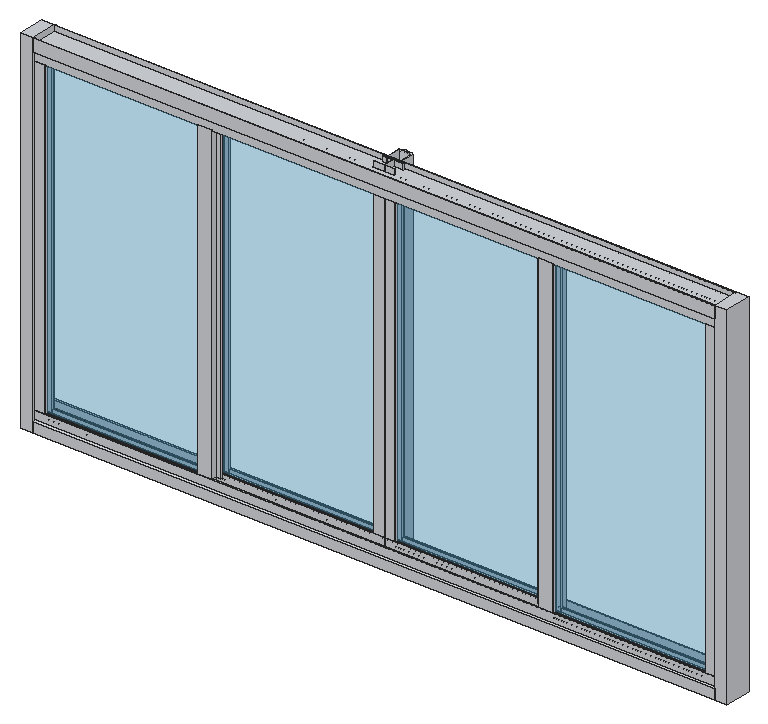
Revit family "MT-VMS_DB-SG_OXXO", category Windows, host Wall, Revit 2017
Family settings
  Host = Wall
  OmniClass Number = 23.30.20.00
  OmniClass Title = Windows
  Always vertical = Yes
  Cut with Voids When Loaded = No
  Shared = No
  Room Calculation Point = No
Parameters
  YEAR = "2019"  # constant formula
  WARNING = if(or(Height = Max Height, Width = Max Width), 1 = 1, 1 = 0)  # no
  VERSION = "2.1"  # constant formula
  URL = "WWW.ALSPEC.COM.AU"
  TOLERANCE = 10 mm
  TODAYS DATE = "2/12/2018"  # constant formula
  SINGLE GLAZED THICKNESS = 5 mm
  Rough Width = 2000 mm
  Rough Height = 1000 mm
  OFFSET = 100 mm
  Model = "VIEWMAX SLIDING WINDOW"  # constant formula
  Max Width = if([76mm FRAME THICKNESS], ((MAX PANEL WIDTH + 12.5 mm) * 4), ((MAX PANEL WIDTH + 17 mm) * 4))  # 4850 mm
  Max Height = if([76mm FRAME THICKNESS], (MAX PANEL HEIGHT + 41 mm + 36 mm), (MAX PANEL HEIGHT + 50 mm + 56 mm))  # 1677 mm
  MAX PANEL WIDTH = 1200 mm  # constant formula
  MAX PANEL HEIGHT = 1600 mm  # constant formula
  Height = if(Rough Height > Max Height, Max Height, Rough Height)  # 1000 mm
  GLAZED MATERIAL = Glass
  FRAME MATERIAL = none
  Default Sill Height = 900 mm
  Wall Closure = By host
  Width = if(Rough Width > Max Width, Max Width, Rough Width)  # 2000 mm
  DOUBLE GLAZED THICKNESS = 15 mm
  DOUBLE GLAZED = yes
  CREATOR = "SCOTT ISOUARD"  # constant formula
  COMPANY = "ARCHVIS"  # constant formula
  Analytic Construction = "<None>"
  ANZRC COMPLIANT = "YES"  # constant formula
  AIR POCKET = 5 mm
  76mm FRAME THICKNESS = not([101.6mm FRAME THICKNESS])  # yes
  101.6mm FRAME THICKNESS = no
Reference planes
  plane 1 "Center (Front/Back)": y = 0
  plane 2 "Center (Left/Right)": x = 0
  plane 3 "Left": x = -1000
  plane 4 "Right": x = 1000
  plane 5 "Sill": z = 900
  plane 6 "Head": z = 1900
  plane 7 "Exterior": y = 100
  plane 8 "Interior": y = -100
  plane 9: y = 0
  plane 10: x = -1010
  plane 11: x = 1010
  plane 12: z = 890
  plane 13: z = 1910
Lines and regions (mm)
  Opening 1
    outline origin (3500, -100, 0) x (1, 0, 0) y (0, 0, 1)
      loop
        line (-2490, 890) -> (-2490, 1910) -> (-4510, 1910) -> (-4510, 890) -> (-2490, 890)
Text (mm)
  text "EXTERIOR" at (-1963.203, 1332.353, 0), in view "Ref. Level"
  text "INTERIOR" at (-1981.466, -818.386, 0), in view "Ref. Level"
  text "Exterior" at (0, 923.751, 2943.296), in view "Right"
  text "Exterior" at (0, 1040.484, 2685.409), in view "Left"
Dimensions and locks
  equal spacing: plane 3 "Left", plane 2 "Center (Left/Right)", plane 4 "Right"
  "Width": plane 3 "Left" to plane 4 "Right"
  "Height": plane 5 "Sill" to plane 6 "Head"
  "Default Sill Height": plane 5 "Sill" to level
  locked: plane 7 "Exterior" to host wall at 0
  locked: plane 8 "Interior" to host wall
  "OFFSET": plane 9 to plane 7 "Exterior"
  "TOLERANCE": plane 10 to plane 3 "Left"
  "TOLERANCE": plane 4 "Right" to plane 11
  "TOLERANCE": plane 6 "Head" to plane 13
  "TOLERANCE": plane 12 to plane 5 "Sill"
  plane 3 "Left" to plane 2 "Center (Left/Right)" = 1000 mm
  plane 2 "Center (Left/Right)" to plane 4 "Right" = 1000 mm
  aligned and locked: Opening 1 sketch curve to plane 13
  aligned and locked: Opening 1 sketch curve to plane 11
  aligned and locked: Opening 1 sketch curve to plane 12
  aligned and locked: Opening 1 sketch curve to plane 10
  aligned and locked: nested 1 to plane 2 "Center (Left/Right)"
  aligned and locked: nested 2 to plane 2 "Center (Left/Right)"
  aligned and locked: nested 2 to plane 9
  aligned and locked: nested 2 to plane 5 "Sill"
  aligned and locked: nested 3 to plane 5 "Sill"
  aligned and locked: nested 3 to plane 2 "Center (Left/Right)"
  aligned and locked: nested 3 to plane 9
Nested families
  nested 1: "WARNING TAG" at (0, -1836.503, 0), MAX.WIDTH <- "MAX PANEL WIDTH", visible <- "WARNING", type "WARNING TAG"
    with MAX.WIDTH 1200 mm
  nested 2: "VMS_DB-SG_OXXO_76mm" at (0, 0, 900), visible <- "76mm FRAME THICKNESS", Sash Material <- "FRAME MATERIAL", type "VMS_DB-SG_OX_76mm"
  nested 3: "VMS_DB-SG_OXXO_101mm" at (0, 0, 900), visible <- "101.6mm FRAME THICKNESS", Sash Material <- "FRAME MATERIAL", type "VMS_DB-SG_OX_101mm"
Definition of nested family "VMS_DB-SG_OXXO_76mm"
  Parameters (values of type "VMS_DB-SG_OX_76mm")
    WIDTH = 2000 mm
    Sash Material [instance] = none
    SINGLE GLAZED THICKNESS = 5 mm
    PANEL WIDTH = (WIDTH / 4 - 12.5 mm)  # 487.5 mm
    PANEL HEIGHT = HEIGHT - 36 mm - 41 mm  # 923 mm
    HEIGHT = 1000 mm
    HAFT PANEL WIDTH = (PANEL WIDTH + 1 mm - 1 mm) / 2 + 1.8 mm  # 245.55 mm
    GLAZED MATERIAL = none
    FRAME WIDTH = 35 mm  # constant formula
    FRAME THICKNESS = 76 mm  # constant formula
    FRAME MATERIAL = none
    DOUBLE GLAZED THICKNESS = 15 mm
    DOUBLE GLAZED = yes
    AIR POCKET = 5 mm
  Reference planes
    plane 1 "Center (Front/Back)": y = 0
    plane 2: z = 0
    plane 3 "Center (Left/Right)": x = 0
    plane 4: y = -76
    plane 5: x = -1000
    plane 6: x = 1000
    plane 7: x = -965
    plane 8: x = 965
    plane 9: z = 1000
    plane 10: z = 36
    plane 11: z = 959
    plane 12: y = -54
    plane 13: y = -22
    plane 14: x = -719.45
    plane 15: x = 719.45
    plane 16: x = -245.55
    plane 17: x = -482.5
    plane 18: x = 245.55
    plane 19: x = 482.5
  Forms (mm)
    Extrusion 1, solid, material <- "Sash Material"
      sketch origin (0, 0, 0) x (1, 0, 0) y (0, 1, 0)
        loop
          line (-1000, 0) -> (-1000, -76) -> (-965, -76) -> (-965, 0) -> (-1000, 0)
        loop
          line (965, 0) -> (965, -76) -> (1000, -76) -> (1000, 0) -> (965, 0)
      from 0 to 1000
    Sweep 2, solid, material <- "Sash Material"
      path origin (0, 0, 0) x (1, 0, 0) y (0, 0, 1)
        loop
          line (965, 1000) -> (-965, 1000)
      profile "VMS_VM8_HEAD DETAIL : VMS_VM8_HEAD DETAIL" origin (0, 0, 1000) x (0, 0, -1) y (0, -1, 0)
        loop
          line (0, 0) -> (35, 0) -> (35, 5.5) -> (59, 5.5) -> (59, 7.3) -> (33.2, 7.3) -> (33.2, 1.8) -> (16.1, 1.8) -> (16.1, 37.2) -> (59, 37.2) -> (59, 38.8) -> (16.1, 38.8) -> (16.1, 74.2) -> (33.2, 74.2) -> (33.2, 68.7) -> (59, 68.7) -> (59, 70.5) -> (35, 70.5) -> (35, 76) -> (0, 76) -> (0, 74.5) -> (14.5, 74.5) -> (14.5, 1.5) -> (0, 1.5) -> (0, 0)
    Sweep 3, solid, material <- "Sash Material"
      path origin (0, 0, 0) x (1, 0, 0) y (0, 0, 1)
        loop
          line (965, 0) -> (-965, 0)
      profile "VMS_VM10_BOT DETAIL : VMS_VM10_BOT DETAIL" origin (0, 0, 0) x (0, 0, -1) y (0, -1, 0)
        loop
          line (-14.448, 1.5) -> (-14.448, 38) -> (-18.196, 38) -> (-18.196, 74.4) -> (0, 74.4) -> (0, 76) -> (-27.256, 76) -> (-31.278, 70.723) -> (-56.143, 70.723) -> (-56.143, 68.723) -> (-31.278, 68.723) -> (-31.278, 38.823) -> (-56.143, 38.823) -> (-56.143, 37.223) -> (-31.278, 37.223) -> (-31.278, 7.323) -> (-56.143, 7.323) -> (-56.143, 5.323) -> (-31.278, 5.323) -> (-27.291, 0) -> (0, 0) -> (0, 1.5) -> (-14.448, 1.5)
        loop
          line (-29.678, 70.183) -> (-29.678, 5.689) -> (-26.54, 1.5) -> (-15.948, 1.5) -> (-15.948, 36.6) -> (-19.696, 36.6) -> (-19.696, 74.4) -> (-26.464, 74.4) -> (-29.678, 70.183)
    Sweep 4, solid, material <- "Sash Material"
      path origin (0, 0, 0) x (1, 0, 0) y (0, 0, 1)
        loop
          line (-965, 941) -> (-965, 56.143)
      profile "VMS_VM11_SILL DETAIL : VMS_VM11_SILL DETAIL" origin (-965, 0, 498.571) x (1, 0, 0) y (0, -1, 0)
        loop
          line (0, 37.2) -> (29.712, 37.2) -> (29.712, 38.8) -> (1.8, 38.8) -> (1.8, 68.7) -> (29.712, 68.7) -> (29.712, 70.7) -> (0, 70.7) -> (0, 37.2)
    Sweep 5, solid, material <- "Sash Material"
      path origin (0, 0, 0) x (1, 0, 0) y (0, 0, 1)
        loop
          line (965, 941) -> (965, 56.143)
      profile "VMS_VM11_SILL DETAIL : VMS_VM11_SILL DETAIL" origin (965, 0, 498.571) x (1, 0, 0) y (0, -1, 0)
        loop
          line (0, 37.2) -> (0, 70.7) -> (-29.712, 70.7) -> (-29.712, 68.7) -> (-1.8, 68.7) -> (-1.8, 38.8) -> (-29.712, 38.8) -> (-29.712, 37.2) -> (0, 37.2)
    Sweep 6, solid, material <- "Sash Material"
      path origin (-870.249, -54, 1200) x (-1, 0, 0) y (0, 0, 1)
        loop
          line (-387.749, -259) -> (-387.749, -1143.857)
      profile "VMS_VM9_INTERLOCK : VMS_VM9_INTERLOCK" origin (-482.5, -54, 498.571) x (-1, 0, 0) y (0, 1, 0)
        loop
          line (19.712, -13.356) -> (-18.2, -13.356) -> (-18.2, 13.544) -> (19.712, 13.544) -> (19.712, 15.044) -> (-18.2, 15.044) -> (-18.2, 18.379) -> (-8.692, 19.257) -> (-8.692, 20.102) -> (-20, 20.102) -> (-20, -0.056) -> (-35, -0.056) -> (-35, -1.556) -> (-20, -1.556) -> (-20, -16.856) -> (19.712, -16.856) -> (19.712, -13.356)
    Sweep 7, solid, material <- "Sash Material"
      path origin (-884.391, -22, 1200) x (-1, 0, 0) y (0, 0, 1)
        loop
          line (-884.391, -200) -> (-884.391, -1200)
      profile "VMS_VM88_MIDDLE : VMS_VM88_MIDDLE" origin (0, -22, 500) x (-1, 0, 0) y (0, 1, 0)
        loop
          line (-19.856, 61.45) -> (-19.856, 16.45) -> (-28.913, 16.45) -> (-28.913, 14.95) -> (-1.001, 14.95) -> (-1.001, -14.95) -> (-28.913, -14.95) -> (-28.913, -16.478) -> (28.913, -16.478) -> (28.913, -14.95) -> (0.999, -14.95) -> (0.999, 14.95) -> (28.913, 14.95) -> (28.913, 16.45) -> (19.856, 16.45) -> (19.856, 61.45)
          arc (19.856, 61.45) -> (0, 66.75) -> (-19.856, 61.45) r 39.844
        loop
          line (-18.056, 56.707) -> (-18.056, 16.45) -> (18.056, 16.45) -> (18.056, 56.707)
          arc (18.056, 56.707) -> (0, 61.75) -> (-18.056, 56.707) r 34.844
    Sweep 8, solid, material <- "Sash Material"
      path origin (-870.249, -54, 1200) x (-1, 0, 0) y (0, 0, 1)
        loop
          line (-1352.749, -259) -> (-1352.749, -1143.857)
      profile "VMS_VM9_INTERLOCK : VMS_VM9_INTERLOCK" origin (482.5, -54, 498.571) x (-1, 0, 0) y (0, 1, 0)
        loop
          line (-19.712, -13.356) -> (-19.712, -16.856) -> (20, -16.856) -> (20, -1.556) -> (35, -1.556) -> (35, -0.056) -> (20, -0.056) -> (20, 20.102) -> (8.692, 20.102) -> (8.692, 19.257) -> (18.2, 18.379) -> (18.2, 15.044) -> (-19.712, 15.044) -> (-19.712, 13.544) -> (18.2, 13.544) -> (18.2, -13.356) -> (-19.712, -13.356)
  Lines and regions (mm)
    Masking region 1, detail levels coarse
      outline origin (0, 0, 0) x (1, 0, 0) y (0, 1, 0)
        loop
          line (-1000, 0) -> (-1000, -76) -> (-965, -76) -> (-965, 0) -> (-1000, 0)
        loop
          line (965, 0) -> (965, -76) -> (1000, -76) -> (1000, 0) -> (965, 0)
    Masking region 2, detail levels coarse
      outline origin (0, 0, 0) x (0, 1, 0) y (0, 0, 1)
        loop
          line (-76, 959) -> (0, 959) -> (0, 1000) -> (-76, 1000) -> (-76, 959)
        loop
          line (0, 27.291) -> (-5.323, 31.278) -> (-5.323, 36) -> (-70.723, 36) -> (-70.723, 31.278) -> (-76, 27.256) -> (-76, 0) -> (0, 0) -> (0, 27.291)
    symbolic lines
      curve 1: line (-965, 0, 0) -> (965, 0, 0)
      curve 2: line (-965, -76, 0) -> (965, -76, 0)
  Dimensions and locks
    equal spacing: plane 5, plane 3 "Center (Left/Right)", plane 6
    "FRAME THICKNESS": plane 4 to plane 1 "Center (Front/Back)"
    "FRAME WIDTH": plane 5 to plane 7
    "FRAME WIDTH": plane 8 to plane 6
    "WIDTH": plane 5 to plane 6
    "HEIGHT": plane 9 to plane 2
    locked: plane 9 to plane 11 at 41
    plane 10 to plane 2 = 36 mm
    locked: plane 13 to plane 1 "Center (Front/Back)" at 22
    locked: plane 12 to plane 4 at 22
    "HAFT PANEL WIDTH": plane 7 to plane 14
    "HAFT PANEL WIDTH": plane 15 to plane 8
    "HAFT PANEL WIDTH": plane 16 to plane 3 "Center (Left/Right)"
    equal spacing: plane 14, plane 17, plane 16
    "HAFT PANEL WIDTH": plane 3 "Center (Left/Right)" to plane 18
    equal spacing: plane 18, plane 19, plane 15
    aligned and locked: level to plane 2
    aligned and locked: plane 1 "Center (Front/Back)" to Extrusion 1 sketch curve  (x2)
    aligned and locked: plane 5 to Extrusion 1 sketch curve
    aligned and locked: plane 4 to Extrusion 1 sketch curve  (x2)
    aligned and locked: Extrusion 1 sketch curve to plane 7
    aligned and locked: plane 8 to Extrusion 1 sketch curve
    aligned and locked: Extrusion 1 sketch curve to plane 6
    aligned and locked: plane 9 to Extrusion 1
    aligned and locked: Extrusion 1 to level
    aligned and locked: plane 9 to Sweep 2 sketch curve
    aligned and locked: plane 8 to Sweep 2 sketch curve
    aligned and locked: plane 7 to Sweep 2 sketch curve
    aligned and locked: plane 2 to Sweep 3 sketch curve
    aligned and locked: plane 8 to Sweep 3 sketch curve
    aligned and locked: plane 7 to Sweep 3 sketch curve
    aligned and locked: Sweep 4 sketch curve to plane 7
    aligned and locked: Sweep 4 sketch curve to Sweep 2
    aligned and locked: Sweep 3 to Sweep 4 sketch curve
    aligned and locked: Sweep 5 sketch curve to plane 8
    aligned and locked: Sweep 2 to Sweep 5 sketch curve
    aligned and locked: Sweep 5 sketch curve to Sweep 3
    aligned and locked: plane 15 to nested 1
    aligned and locked: nested 1 to plane 10
    aligned and locked: plane 14 to nested 2
    aligned and locked: plane 12 to nested 2
    aligned and locked: nested 2 to plane 10
    aligned and locked: nested 3 to plane 7
    aligned and locked: Sweep 4 to nested 3
    aligned and locked: Sweep 2 to Sweep 6 sketch curve
    aligned and locked: Sweep 3 to Sweep 6 sketch curve
    aligned and locked: plane 7 to curve 1
    aligned and locked: plane 8 to curve 1
    aligned and locked: plane 8 to curve 2
    aligned and locked: plane 7 to curve 2
    aligned and locked: plane 1 "Center (Front/Back)" to curve 1
    aligned and locked: curve 2 to plane 4
    aligned and locked: Masking region 1 sketch curve to Extrusion 1  (x4)
    aligned and locked: Masking region 1 sketch curve to Sweep 3  (x3)
    aligned and locked: Sweep 3 to Masking region 1 sketch curve
    aligned and locked: plane 1 "Center (Front/Back)" to nested 4
    aligned and locked: nested 4 to plane 7
    aligned and locked: plane 8 to nested 5
    aligned and locked: plane 1 "Center (Front/Back)" to nested 5
    aligned and locked: plane 7 to nested 6
    aligned and locked: plane 1 "Center (Front/Back)" to nested 6
    aligned and locked: nested 7 to plane 8
    aligned and locked: plane 1 "Center (Front/Back)" to nested 7
    aligned and locked: Masking region 2 sketch curve to plane 11
    aligned and locked: Masking region 2 sketch curve to plane 4
    aligned and locked: Masking region 2 sketch curve to Extrusion 1  (x2)
    aligned and locked: Extrusion 1 to Masking region 2 sketch curve
    aligned and locked: Masking region 2 sketch curve to Sweep 3  (x3)
    aligned and locked: Masking region 2 sketch curve to nested 1
    aligned and locked: Sweep 3 to Masking region 2 sketch curve
    aligned and locked: nested 8 to plane 9
    aligned and locked: plane 4 to nested 8
    aligned and locked: nested 9 to plane 9
    aligned and locked: plane 4 to nested 9
    aligned and locked: nested 10 to plane 2
    aligned and locked: plane 4 to nested 10
    aligned and locked: nested 11 to level
    aligned and locked: nested 11 to Extrusion 1
    aligned and locked: nested 12 to plane 13
    aligned and locked: plane 16 to nested 12
    aligned and locked: Sweep 6 sketch curve to plane 17
    aligned and locked: nested 1 to plane 12
    aligned and locked: plane 18 to nested 13
    aligned and locked: plane 13 to nested 13
    aligned and locked: nested 13 to plane 10
    aligned and locked: plane 10 to nested 12
    aligned and locked: nested 14 to plane 8
    aligned and locked: nested 14 to Sweep 5
    aligned and locked: plane 3 "Center (Left/Right)" to Sweep 7 sketch curve
    aligned and locked: level to Sweep 7 sketch curve
    aligned and locked: Sweep 2 to Sweep 7 sketch curve
    aligned and locked: plane 19 to Sweep 8 sketch curve
    aligned and locked: Sweep 2 to Sweep 8 sketch curve
    aligned and locked: Sweep 3 to Sweep 8 sketch curve
  Automatic sketch dimensions
    plane 1 "Center (Front/Back)" to Masking region 2 sketch curve = 5.323 mm
    Masking region 2 sketch curve to plane 10 = 4.722 mm
    Masking region 2 sketch curve to Masking region 2 sketch curve = 3.988 mm
  Nested families
    nested 1: "VMS_DB-SG_GLAZED PANEL" at (719.45, -54, 36), Sash Material <- "FRAME MATERIAL", type "VMS_DB-SG_GLAZED PANEL"
      with OPEN no
    nested 2: "VMS_DB-SG_GLAZED PANEL" at (-719.45, -54, 36) x (-1, 0, 0) z (0, 0, 1), Sash Material <- "FRAME MATERIAL", type "VMS_DB-SG_GLAZED PANEL"
      with OPEN no
    nested 3: "VMS_VM11_SILL DETAIL_FINE" at (-965, -37.2, 0) x (0, -1, 0) z (0, 0, 1), type "VMS_VM11_SILL DETAIL_FINE", detail levels fine
    nested 4: "MAIN FRAME 76MM_MEDIUM" at (-1000, 0, 0), type "MAIN FRAME 76MM_MEDIUM", detail levels medium
    nested 5: "MAIN FRAME 76MM_MEDIUM" at (1000, -76, 0) x (-1, 0, 0) z (0, 0, 1), type "MAIN FRAME 76MM_MEDIUM", detail levels medium
    nested 6: "AS1C CAVITY MAIN FRAME" at (-965, 0, 0), type "AS1C CAVITY MAIN FRAME", detail levels fine
    nested 7: "AS1C CAVITY MAIN FRAME" at (965, -76, 0) x (-1, 0, 0) z (0, 0, 1), type "AS1C CAVITY MAIN FRAME", detail levels fine
    nested 8: "VMS_VM8_HEAD DETAIL_MEDIUM" at (0, -76, 1000) x (0, 1, 0) z (1, 0, 0), type "VMS_VM8_HEAD DETAIL_MEDIUM", detail levels medium
    nested 9: "VMS_VM8_HEAD DETAIL_FINE" at (0, -76, 1000) x (0, 1, 0) z (1, 0, 0), type "VMS_VM8_HEAD DETAIL_FINE", detail levels fine
    nested 10: "VMS_VM10_BOT DETAIL_MEDIUM" at (0, -76, 0) x (0, 1, 0) z (1, 0, 0), type "VMS_VM10_BOT DETAIL_MEDIUM", detail levels medium
    nested 11: "VMS_VM10_BOT DETAIL_FINE" at (0, -76, 0) x (0, 1, 0) z (1, 0, 0), type "VMS_VM10_BOT DETAIL_FINE", detail levels fine
    nested 12: "VMS_DB-SG_GLAZED PANEL" at (-245.55, -22, 36), Sash Material <- "FRAME MATERIAL", type "VMS_DB-SG_GLAZED PANEL"
      with OPEN yes
    nested 13: "VMS_DB-SG_GLAZED PANEL" at (245.55, -22, 36) x (-1, 0, 0) z (0, 0, 1), Sash Material <- "FRAME MATERIAL", type "VMS_DB-SG_GLAZED PANEL"
      with OPEN yes
    nested 14: "VMS_VM11_SILL DETAIL_FINE" at (965, -37.2, 0) x (0, -1, 0) z (0, 0, 1), type "VMS_VM11_SILL DETAIL_FINE", detail levels fine
  Definition of nested family "VMS_DB-SG_GLAZED PANEL"
    Parameters (values of type "VMS_DB-SG_GLAZED PANEL")
      YEAR = "2018"  # constant formula
      VERSION = "2.0"  # constant formula
      TODAYS DATE = "22/11/2018"  # constant formula
      Sash Material [instance] = none
      SINGLE GLAZED THICKNESS = 5 mm
      SINGLE GLAZED = not(DOUBLE GLAZED)  # no
      PANEL WIDTH = 487.5 mm
      PANEL HEIGHT = 923 mm
      OPEN [instance] = yes
      GLAZED WIDTH [instance] = 451.5 mm
      GLAZED RAIL MATERIAL = none
      GLAZED MATERIAL = none
      DOUBLE GLAZED THICKNESS = 15 mm
      DOUBLE GLAZED = yes
      CREATOR = "Scott Isouard"  # constant formula
      COMPANY = "Archvis"  # constant formula
      Analytic Construction = "<None>"
      ANZRC COMPLIANT = "Yes"  # constant formula
      AIR POCKET = DOUBLE GLAZED THICKNESS - 10 mm  # 5 mm
    Reference planes
      plane 1 "Center (Front/Back)": y = 0
      plane 2: z = 0
      plane 3 "Center (Left/Right)": x = 0
      plane 4: x = -243.75
      plane 5: x = 243.75
      plane 6: x = -225.75
      plane 7: x = 225.75
      plane 8: z = 923
      plane 9: z = 903
      plane 10: z = 20
      plane 11: z = 461.5
      plane 12: x = -215.836
      plane 13: x = 215.75
      plane 14: z = 10
      plane 15: z = 913
    Forms (mm)
      Extrusion 1, solid, material <- "GLAZED MATERIAL", visible <- "SINGLE GLAZED"
        sketch origin (0, 0, 0) x (1, 0, 0) y (0, 1, 0)
          loop
            line (-225.75, 2.5) -> (-225.75, -2.5) -> (225.75, -2.5) -> (225.75, 2.5) -> (-225.75, 2.5)
        from 10 to 913
      Extrusion 2, solid, material <- "GLAZED MATERIAL", visible <- "DOUBLE GLAZED"
        sketch origin (0, 0, 0) x (1, 0, 0) y (0, 1, 0)
          loop
            line (-225.75, 7.5) -> (-225.75, 2.5) -> (225.75, 2.5) -> (225.75, 7.5) -> (-225.75, 7.5)
          loop
            line (-225.75, -2.5) -> (-225.75, -7.5) -> (225.75, -7.5) -> (225.75, -2.5) -> (-225.75, -2.5)
        from 10 to 913
      Sweep 3, solid, material <- "Sash Material"
        path origin (0, 0, 0) x (1, 0, 0) y (0, 0, 1)
          loop
            line (-243.75, 923) -> (-243.75, 0)
        profile "VM__PROFILE_SACH SILL : VM__PROFILE_SACH SILL" origin (-243.75, 0, 461.5) x (1, 0, 0) y (0, -1, 0)
          loop
            line (0, 13.45) -> (0, -13.45) -> (28, -13.45) -> (28, -9.95) -> (10, -9.95) -> (10, 9.95) -> (28, 9.95) -> (28, 13.45) -> (0, 13.45)
      Sweep 4, solid, material <- "Sash Material"
        path origin (0, 0, 0) x (1, 0, 0) y (0, 0, 1)
          loop
            line (243.75, 923) -> (243.75, 0)
        profile "VM__PROFILE_SACH SILL : VM__PROFILE_SACH SILL" origin (243.75, 0, 461.5) x (1, 0, 0) y (0, -1, 0)
          loop
            line (0, 13.45) -> (-28, 13.45) -> (-28, 9.95) -> (-10, 9.95) -> (-10, -9.95) -> (-28, -9.95) -> (-28, -13.45) -> (0, -13.45) -> (0, 13.45)
      Sweep 5, solid, material <- "Sash Material"
        path origin (0, 0, 0) x (1, 0, 0) y (0, 0, 1)
          loop
            line (-215.836, 923) -> (215.75, 923)
        profile "VM__PROFILE_GLAZED RAIL : VM__PROFILE_GLAZED RAIL" origin (-0.043, 0, 923) x (0, 0, 1) y (0, -1, 0)
          loop
            line (-5.417, -13.45) -> (0, -8.033) -> (0, 8.033) -> (-5.417, 13.45) -> (-19.826, 13.45) -> (-19.826, 9.95) -> (-10, 9.95) -> (-10, -9.95) -> (-19.826, -9.95) -> (-19.826, -13.45) -> (-5.417, -13.45)
      Sweep 6, solid, material <- "Sash Material"
        path origin (0, 0, 0) x (1, 0, 0) y (0, 0, 1)
          loop
            line (215.75, 0) -> (-215.836, 0)
        profile "VM__PROFILE_GLAZED RAIL : VM__PROFILE_GLAZED RAIL" origin (-0.043, 0, 0) x (0, 0, -1) y (0, -1, 0)
          loop
            line (-5.417, -13.45) -> (0, -8.033) -> (0, 8.033) -> (-5.417, 13.45) -> (-19.826, 13.45) -> (-19.826, 9.95) -> (-10, 9.95) -> (-10, -9.95) -> (-19.826, -9.95) -> (-19.826, -13.45) -> (-5.417, -13.45)
    Lines and regions (mm)
      Masking region 1, detail levels coarse
        outline origin (0, 0, 0) x (1, 0, 0) y (0, 1, 0)
          loop
            line (-215.836, 13.45) -> (-243.75, 13.45) -> (-243.75, -13.45) -> (-215.836, -13.45) -> (-215.836, 13.45)
          loop
            line (215.75, 13.45) -> (215.75, -13.45) -> (243.75, -13.45) -> (243.75, 13.45) -> (215.75, 13.45)
      Masking region 2, detail levels coarse
        outline origin (0, 0, 0) x (0, 1, 0) y (0, 0, 1)
          loop
            line (13.45, 923) -> (-13.45, 923) -> (-13.45, 903.174) -> (13.45, 903.174) -> (13.45, 923)
          loop
            line (13.45, 20) -> (-13.45, 20) -> (-13.45, 0) -> (13.45, 0) -> (13.45, 20)
      model lines, visible <- "OPEN", not visible
        curve 1: line (116.296, -13.45, 713.931) -> (-19.098, -13.45, 715.656)
        curve 2: line (-134.348, -13.45, 741.334) -> (8.162, -13.45, 666.42)
        curve 3: line (8.162, -13.45, 666.42) -> (-19.098, -13.45, 715.656)
        curve 4: line (116.912, -13.45, 762.344) -> (-18.481, -13.45, 764.068)
        curve 5: line (-134.348, -13.45, 741.334) -> (10.023, -13.45, 812.593)
        curve 6: line (10.023, -13.45, 812.593) -> (-18.481, -13.45, 764.068)
        curve 7: line (116.296, -13.45, 713.931) -> (116.912, -13.45, 762.344)
        curve 8: line (116.604, -13.45, 738.138) -> (-134.348, -13.45, 741.334)
        curve 9: line (-2.207, 13.452, 837.659) -> (-4.793, 13.452, 634.675)
      model lines, visible <- "OPEN"
        curve 10: line (120.069, -13.45, 485.708) -> (-15.335, -13.45, 485.708)
        curve 11: line (-130.903, -13.45, 461.5) -> (12.549, -13.45, 534.592)
        curve 12: line (12.549, -13.45, 534.592) -> (-15.335, -13.45, 485.708)
        curve 13: line (120.069, -13.45, 437.292) -> (-15.335, -13.45, 437.292)
        curve 14: line (-130.903, -13.45, 461.5) -> (12.549, -13.45, 388.408)
        curve 15: line (12.549, -13.45, 388.408) -> (-15.335, -13.45, 437.292)
        curve 16: line (120.069, -13.45, 485.708) -> (120.069, -13.45, 437.292)
        curve 17: line (120.069, -13.45, 461.5) -> (-130.903, -13.45, 461.5)
        curve 18: line (0, 13.452, 363.5) -> (0, 13.452, 566.5)
      symbolic lines
        curve 19: line (-229.836, 13.45, 0) -> (229.838, 13.45, 0)
        curve 20: line (-229.836, -13.45, 0) -> (225.75, -13.45, 0)
        curve 21: line (0, 13.45, 913) -> (0, 13.45, 10)
        curve 22: line (0, -13.45, 913) -> (0, -13.45, 10)
      symbolic lines, visible <- "OPEN"
        curve 23: line (150, 93.416, 0) -> (-150, 93.416, 0)
        curve 24: line (-150, 93.416, 0) -> (-70.45, 172.966, 0)
    Dimensions and locks
      equal spacing: plane 4, plane 3 "Center (Left/Right)", plane 5
      "PANEL WIDTH": plane 4 to plane 5
      "PANEL HEIGHT": plane 8 to plane 2
      equal spacing: Extrusion 1 sketch curve, plane 1 "Center (Front/Back)", Extrusion 1 sketch curve
      "SINGLE GLAZED THICKNESS": Extrusion 1 sketch curve to Extrusion 1 sketch curve
      equal spacing: plane 8, plane 11, plane 2
      equal spacing: Extrusion 2 sketch curve, plane 1 "Center (Front/Back)", Extrusion 2 sketch curve  (x2)
      "AIR POCKET": Extrusion 2 sketch curve to Extrusion 2 sketch curve
      "DOUBLE GLAZED THICKNESS": Extrusion 2 sketch curve to Extrusion 2 sketch curve
      locked: plane 4 to plane 12 at 27.914
      locked: plane 13 to plane 5 at 28
      locked: plane 8 to plane 9 at 20
      locked: plane 4 to plane 6 at 18
      locked: plane 7 to plane 5 at 18
      "GLAZED WIDTH": plane 6 to plane 7
      locked: plane 10 to plane 2 at 20
      locked: plane 14 to plane 2 at 10
      locked: plane 8 to plane 15 at 10
      locked: curve 23 to Sweep 5 at 79.966
      equal spacing: curve 24, plane 3 "Center (Left/Right)", curve 23
      aligned and locked: level to plane 2
      aligned and locked: plane 6 to Extrusion 2 sketch curve  (x2)
      aligned and locked: Extrusion 2 sketch curve to plane 7  (x2)
      aligned and locked: plane 4 to Sweep 3 sketch curve
      aligned and locked: plane 2 to Sweep 3 sketch curve
      aligned and locked: plane 8 to Sweep 3 sketch curve
      aligned and locked: Sweep 4 sketch curve to plane 5
      aligned and locked: plane 8 to Sweep 4 sketch curve
      aligned and locked: plane 2 to Sweep 4 sketch curve
      aligned and locked: Extrusion 1 sketch curve to plane 7
      aligned and locked: plane 6 to Extrusion 1 sketch curve
      aligned and locked: plane 11 to curve 17
      aligned and locked: plane 3 "Center (Left/Right)" to curve 18
      aligned and locked: Sweep 5 sketch curve to plane 8
      aligned and locked: plane 12 to Sweep 5 sketch curve
      aligned and locked: plane 13 to Sweep 5 sketch curve
      aligned and locked: plane 2 to Sweep 6 sketch curve
      aligned and locked: plane 13 to Sweep 6 sketch curve
      aligned and locked: plane 12 to Sweep 6 sketch curve
      aligned and locked: Sweep 5 to Masking region 1 sketch curve  (x2)
      aligned and locked: Masking region 1 sketch curve to Sweep 5  (x3)
      aligned and locked: Masking region 1 sketch curve to plane 4
      aligned and locked: Masking region 1 sketch curve to plane 5
      aligned and locked: Masking region 1 to Sweep 5
      aligned and locked: curve 20 to Sweep 5
      aligned and locked: Masking region 2 sketch curve to Sweep 4  (x2)
      aligned and locked: Sweep 4 to Masking region 2 sketch curve  (x2)
      aligned and locked: Masking region 2 sketch curve to Sweep 5  (x2)
      aligned and locked: Masking region 2 sketch curve to Sweep 6
      aligned and locked: Masking region 2 sketch curve to plane 10
      aligned and locked: nested 1 to plane 1 "Center (Front/Back)"
      aligned and locked: plane 2 to nested 1
      aligned and locked: nested 2 to plane 8
      aligned and locked: plane 1 "Center (Front/Back)" to nested 2
      aligned and locked: nested 3 to plane 8
      aligned and locked: plane 1 "Center (Front/Back)" to nested 3
      aligned and locked: plane 2 to nested 4
      aligned and locked: nested 4 to plane 1 "Center (Front/Back)"
      aligned and locked: Extrusion 2 to Sweep 6
      aligned and locked: Extrusion 2 to Extrusion 1  (x2)
      aligned and locked: nested 5 to plane 8
      aligned and locked: plane 1 "Center (Front/Back)" to nested 5
      aligned and locked: plane 2 to nested 6
      aligned and locked: nested 6 to plane 1 "Center (Front/Back)"
      aligned and locked: plane 2 to nested 7
      aligned and locked: nested 7 to plane 1 "Center (Front/Back)"
      aligned and locked: nested 8 to plane 8
      aligned and locked: plane 1 "Center (Front/Back)" to nested 8
      aligned and locked: Sweep 3 to curve 21
      aligned and locked: curve 22 to Sweep 3
      aligned and locked: curve 19 to Sweep 5
      aligned and locked: plane 7 to curve 20
      aligned and locked: plane 15 to curve 22
      aligned and locked: plane 15 to curve 21
      aligned and locked: plane 14 to curve 21
      aligned and locked: plane 14 to curve 22
      aligned and locked: plane 15 to Extrusion 2
      aligned and locked: plane 4 to nested 9
      aligned and locked: nested 9 to Sweep 3
      aligned and locked: plane 4 to nested 10
      aligned and locked: nested 10 to nested 9
      aligned and locked: plane 4 to nested 11
      aligned and locked: Masking region 1 to plane 13
      aligned and locked: plane 4 to nested 12
      aligned and locked: nested 12 to Sweep 5
      aligned and locked: plane 5 to nested 13
      aligned and locked: nested 13 to Sweep 4
      aligned and locked: plane 5 to nested 14
      aligned and locked: nested 14 to nested 13
      aligned and locked: plane 5 to nested 15
      aligned and locked: nested 14 to nested 15
      aligned and locked: plane 5 to nested 16
      aligned and locked: nested 16 to nested 15  (x2)
      aligned and locked: curve 19 to nested 16
      aligned and locked: nested 12 to curve 19
      aligned and locked: curve 20 to nested 12
    Automatic sketch dimensions
      curve 9 to curve 2 = 34.287 mm
      curve 2 to curve 7 = 118.111 mm
      curve 1 to curve 8 = 24.208 mm
      curve 3 to curve 4 = 48.416 mm
      curve 4 to curve 5 = 56.278 mm
      curve 5 to curve 9 = 27.89 mm
      curve 3 to curve 1 = 118.111 mm
      curve 6 to curve 4 = 118.111 mm
      curve 9 to curve 5 = 27.89 mm
      curve 3 to curve 2 = 56.278 mm
      curve 6 to curve 3 = 48.416 mm
      curve 8 to curve 4 = 118.076 mm
      curve 18 to curve 11 = 34.287 mm
      curve 11 to curve 16 = 118.111 mm
      curve 10 to curve 17 = 24.208 mm
      curve 12 to curve 13 = 48.416 mm
      curve 13 to curve 14 = 56.278 mm
      curve 14 to curve 18 = 27.89 mm
      curve 12 to curve 10 = 118.111 mm
      curve 15 to curve 13 = 118.111 mm
      curve 18 to curve 14 = 27.89 mm
      curve 12 to curve 11 = 56.278 mm
      curve 15 to curve 12 = 48.416 mm
      curve 17 to curve 13 = 118.076 mm
      curve 18 to curve 18 = 2.585 mm
      curve 18 to curve 18 = 202.984 mm
      curve 11 to curve 16 = 47.511 mm
      curve 11 to curve 12 = 49.235 mm
      curve 10 to curve 11 = 25.678 mm
      curve 10 to curve 16 = 48.412 mm
      curve 10 to curve 13 = 48.412 mm
      curve 13 to curve 15 = 48.525 mm
      curve 11 to curve 12 = 115.25 mm
      curve 10 to curve 15 = 0.617 mm
      curve 10 to curve 12 = 27.26 mm
      curve 13 to curve 14 = 28.505 mm
      curve 9 to curve 9 = 2.585 mm
      curve 9 to curve 9 = 202.984 mm
      curve 2 to curve 7 = 47.511 mm
      curve 2 to curve 3 = 49.235 mm
      curve 1 to curve 2 = 25.678 mm
      curve 1 to curve 7 = 48.412 mm
      curve 1 to curve 4 = 48.412 mm
      curve 4 to curve 6 = 48.525 mm
      curve 3 to curve 2 = 115.25 mm
      curve 6 to curve 1 = 0.617 mm
      curve 3 to curve 1 = 27.26 mm
      curve 5 to curve 4 = 28.505 mm
      Masking region 1 sketch curve to plane 13 = 0 mm
      curve 24 to curve 24 = 79.55 mm
      curve 19 to plane 6 = 4.086 mm
      curve 20 to plane 6 = 4.086 mm
      plane 7 to curve 19 = 4.088 mm
      curve 23 to curve 24 = 79.55 mm
      plane 12 to curve 24 = 65.836 mm
    Nested families
      nested 1: "VM62_DOUBLE GLAZE RAIL_Mid detail" at (0, 0, 0) x (0, 0, 1) z (1, 0, 0), visible <- "DOUBLE GLAZED", type "VM62_DOUBLE GLAZE RAIL_Mid detail", detail levels medium
      nested 2: "VM62_DOUBLE GLAZE RAIL_Mid detail" at (0, 0, 923) x (0, 0, -1) z (1, 0, 0), visible <- "DOUBLE GLAZED", type "VM62_DOUBLE GLAZE RAIL_Mid detail", detail levels medium
      nested 3: "VM62_SGL GLAZE RAIL_Mid detail" at (0, 0, 923) x (0, 0, -1) z (1, 0, 0), visible <- "SINGLE GLAZED", type "VM62_SGL GLAZE RAIL_Mid detail", detail levels medium
      nested 4: "VM62_SGL GLAZE RAIL_Mid detail" at (0, 0, 0) x (0, 0, 1) z (1, 0, 0), visible <- "SINGLE GLAZED", type "VM62_SGL GLAZE RAIL_Mid detail", detail levels medium
      nested 5: "vm1_single glaze rail" at (0, 0, 923) x (0, 0, -1) z (1, 0, 0), visible <- "SINGLE GLAZED", type "vm1_single glaze rail", detail levels fine
      nested 6: "vm1_single glaze rail" at (0, 0, 0) x (0, 0, 1) z (1, 0, 0), visible <- "SINGLE GLAZED", type "vm1_single glaze rail", detail levels fine
      nested 7: "VM62_DOUBLE GLAZE RAIL" at (0, 0, 0) x (0, 0, 1) z (1, 0, 0), visible <- "DOUBLE GLAZED", type "VM62_DOUBLE GLAZE RAIL", detail levels fine
      nested 8: "VM62_DOUBLE GLAZE RAIL" at (0, 0, 923) x (0, 0, -1) z (1, 0, 0), visible <- "DOUBLE GLAZED", type "VM62_DOUBLE GLAZE RAIL", detail levels fine
      nested 9: "VMS_V3_SGL_FINE" at (-243.75, 13.45, 0), visible <- "SINGLE GLAZED", type "VMS_V3_SGL_FINE", detail levels fine
      nested 10: "VMS_V3_SGL_MEDIUM" at (-243.75, 13.45, 0), visible <- "SINGLE GLAZED", type "VMS_V3_SGL_MEDIUM", detail levels medium
      nested 11: "VMS_VM64_SILL DETAIL_FINE" at (-243.75, 13.45, 0), visible <- "DOUBLE GLAZED", type "VMS_VM64_SILL DETAIL_FINE", detail levels fine
      nested 12: "VMS_VM64_SILL DETAIL_MEDIUM" at (-243.75, 13.45, 0), visible <- "DOUBLE GLAZED", type "VMS_VM64_SILL DETAIL_MEDIUM", detail levels medium
      nested 13: "VMS_VM5_SILL DETAIL_FINE" at (243.75, -13.45, 0) x (0, 1, 0) z (0, 0, 1), visible <- "SINGLE GLAZED", type "VMS_VM5_SILL DETAIL_FINE", detail levels fine
      nested 14: "VMS_VM5_SILL DETAIL_MEDIUM" at (243.75, -13.45, 0) x (0, 1, 0) z (0, 0, 1), visible <- "SINGLE GLAZED", type "VMS_VM5_SILL DETAIL_MEDIUM", detail levels medium
      nested 15: "VMS_VM66_SILL DETAIL_FINE" at (243.75, -13.45, 0) x (0, 1, 0) z (0, 0, 1), visible <- "DOUBLE GLAZED", type "VMS_VM66_SILL DETAIL_FINE", detail levels fine
      nested 16: "VMS_VM66_SILL DETAIL_MEDIUM" at (243.804, -13.45, 0) x (0, 1, 0) z (0, 0, 1), visible <- "DOUBLE GLAZED", type "VMS_VM66_SILL DETAIL_MEDIUM", detail levels medium
    Definition of nested family "VM62_DOUBLE GLAZE RAIL_Mid detail"
      Reference planes
        plane 1 "Center (Front/Back)": y = 0
        plane 2: z = 0
        plane 3 "Center (Left/Right)": x = 0
        plane 4: x = 10
      Lines and regions (mm)
        detail lines, in view "Ref. Level"
          curve 1: line (19.826, 13.45, 0) -> (19.826, 10.52, 0)
          curve 2: line (19.826, 10.52, 0) -> (10, 10.52, 0)
          curve 3: line (10, -10.52, 0) -> (19.826, -10.52, 0)
          curve 4: line (19.826, -10.52, 0) -> (19.826, -13.45, 0)
          curve 5: line (19.826, -13.45, 0) -> (5.417, -13.45, 0)
          curve 6: line (5.417, -13.45, 0) -> (0, -8.033, 0)
          curve 7: line (0, -8.033, 0) -> (0, 8.033, 0)
          curve 8: line (0, 8.033, 0) -> (5.417, 13.45, 0)
          curve 9: line (5.417, 13.45, 0) -> (19.826, 13.45, 0)
          curve 10: line (10, -10.52, 0) -> (10, 10.52, 0)
      Dimensions and locks
        plane 3 "Center (Left/Right)" to plane 4 = 10 mm
    Definition of nested family "VM62_SGL GLAZE RAIL_Mid detail"
      Reference planes
        plane 1 "Center (Front/Back)": y = 0
        plane 2: z = 0
        plane 3 "Center (Left/Right)": x = 0
        plane 4: x = 10
      Lines and regions (mm)
        detail lines, in view "Ref. Level"
          curve 1: line (19.826, 13.45, 0) -> (19.826, 6.45, 0)
          curve 2: line (19.826, 6.45, 0) -> (10, 6.45, 0)
          curve 3: line (10, -6.45, 0) -> (19.826, -6.45, 0)
          curve 4: line (19.826, -6.45, 0) -> (19.826, -13.45, 0)
          curve 5: line (19.826, -13.45, 0) -> (5.417, -13.45, 0)
          curve 6: line (5.417, -13.45, 0) -> (0, -8.033, 0)
          curve 7: line (0, -8.033, 0) -> (0, 8.033, 0)
          curve 8: line (0, 8.033, 0) -> (5.417, 13.45, 0)
          curve 9: line (5.417, 13.45, 0) -> (19.826, 13.45, 0)
          curve 10: line (10, -6.45, 0) -> (10, 6.45, 0)
      Dimensions and locks
        plane 3 "Center (Left/Right)" to plane 4 = 10 mm
    Definition of nested family "vm1_single glaze rail"
      Reference planes
        plane 1 "Center (Front/Back)": y = 0
        plane 2: z = 0
        plane 3 "Center (Left/Right)": x = 0
      Lines and regions (mm)
        detail lines, in view "Ref. Level"
          curve 1: arc (5.316, -8.679, 0) -> (5.078, -8.372, 0) -> (4.771, -8.134, 0) r 1.525
          curve 2: arc (3.99, -7.925, 0) -> (3.633, -7.97, 0) -> (3.297, -8.097, 0) r 1.525
          curve 3: arc (2.647, -8.747, 0) -> (2.525, -9.062, 0) -> (2.476, -9.396, 0) r 1.525
          curve 4: arc (2.476, -9.396, 0) -> (2.18, -9.815, 0) -> (1.678, -9.711, 0) r 0.468
          curve 5: arc (0.088, -8.121, 0) -> (0.023, -8.024, 0) -> (0, -7.909, 0) r 0.3
          curve 6: arc (0, 7.909, 0) -> (0.023, 8.024, 0) -> (0.088, 8.121, 0) r 0.3
          curve 7: arc (1.678, 9.711, 0) -> (2.18, 9.815, 0) -> (2.476, 9.396, 0) r 0.468
          curve 8: arc (2.476, 9.396, 0) -> (2.525, 9.062, 0) -> (2.647, 8.747, 0) r 1.525
          curve 9: arc (3.297, 8.097, 0) -> (3.633, 7.97, 0) -> (3.99, 7.925, 0) r 1.525
          curve 10: arc (4.771, 8.134, 0) -> (5.078, 8.372, 0) -> (5.316, 8.679, 0) r 1.525
          curve 11: arc (5.525, 9.46, 0) -> (5.48, 9.817, 0) -> (5.353, 10.153, 0) r 1.525
          curve 12: arc (4.703, 10.803, 0) -> (4.388, 10.925, 0) -> (4.054, 10.974, 0) r 1.525
          curve 13: arc (4.054, 10.974, 0) -> (3.635, 11.27, 0) -> (3.739, 11.772, 0) r 0.468
          curve 14: arc (5.329, 13.362, 0) -> (5.426, 13.427, 0) -> (5.541, 13.45, 0) r 0.3
          curve 15: arc (13.831, 13.45, 0) -> (14.236, 13.045, 0) -> (13.831, 12.64, 0) r 0.405
          curve 16: arc (13.126, 11.82, 0) -> (13.214, 11.608, 0) -> (13.426, 11.52, 0) r 0.3
          curve 17: arc (13.936, 11.52, 0) -> (14.149, 11.432, 0) -> (14.236, 11.22, 0) r 0.3
          curve 18: arc (14.236, 10.62, 0) -> (14.149, 10.408, 0) -> (13.936, 10.32, 0) r 0.3
          curve 19: arc (13.426, 10.32, 0) -> (13.214, 10.232, 0) -> (13.126, 10.02, 0) r 0.3
          curve 20: arc (13.126, 8.576, 0) -> (13.214, 8.364, 0) -> (13.426, 8.276, 0) r 0.3
          curve 21: arc (18.226, 8.276, 0) -> (18.439, 8.364, 0) -> (18.526, 8.576, 0) r 0.3
          curve 22: arc (18.526, 10.02, 0) -> (18.439, 10.232, 0) -> (18.226, 10.32, 0) r 0.3
          curve 23: arc (17.716, 10.32, 0) -> (17.504, 10.408, 0) -> (17.416, 10.62, 0) r 0.3
          curve 24: arc (17.416, 11.22, 0) -> (17.504, 11.432, 0) -> (17.716, 11.52, 0) r 0.3
          curve 25: arc (18.226, 11.52, 0) -> (18.439, 11.608, 0) -> (18.526, 11.82, 0) r 0.3
          curve 26: arc (17.821, 12.64, 0) -> (17.416, 13.045, 0) -> (17.821, 13.45, 0) r 0.405
          curve 27: arc (19.026, 13.45, 0) -> (19.592, 13.216, 0) -> (19.826, 12.65, 0) r 0.8
          curve 28: arc (19.826, 6.961, 0) -> (19.751, 6.727, 0) -> (19.553, 6.581, 0) r 0.4
          curve 29: arc (18.59, 6.26, 0) -> (18.409, 6.288, 0) -> (18.326, 6.45, 0) r 0.2
          curve 30: arc (17.137, 6.284, 0) -> (16.932, 6.274, 0) -> (16.826, 6.45, 0) r 0.2
          curve 31: arc (15.637, 6.284, 0) -> (15.432, 6.274, 0) -> (15.326, 6.45, 0) r 0.2
          curve 32: arc (14.137, 6.284, 0) -> (13.932, 6.274, 0) -> (13.826, 6.45, 0) r 0.2
          curve 33: arc (13.426, 7.25, 0) -> (12.366, 7.689, 0) -> (11.926, 8.75, 0) r 1.5
          curve 34: arc (11.926, 11.75, 0) -> (11.839, 11.962, 0) -> (11.626, 12.05, 0) r 0.3
          curve 35: arc (6.463, 12.05, 0) -> (6.188, 11.87, 0) -> (6.244, 11.545, 0) r 0.3
          curve 36: arc (6.244, 11.545, 0) -> (7.057, 9.17, 0) -> (5.826, 6.982, 0) r 3.07
          curve 37: arc (5.826, 6.982, 0) -> (3.825, 6.385, 0) -> (1.905, 7.206, 0) r 3.07
          curve 38: arc (1.905, 7.206, 0) -> (1.58, 7.262, 0) -> (1.4, 6.987, 0) r 0.3
          curve 39: arc (1.4, -6.987, 0) -> (1.58, -7.262, 0) -> (1.905, -7.206, 0) r 0.3
          curve 40: arc (1.905, -7.206, 0) -> (3.825, -6.385, 0) -> (5.826, -6.982, 0) r 3.07
          curve 41: arc (5.826, -6.982, 0) -> (7.057, -9.17, 0) -> (6.244, -11.545, 0) r 3.07
          curve 42: arc (6.244, -11.545, 0) -> (6.188, -11.87, 0) -> (6.463, -12.05, 0) r 0.3
          curve 43: arc (11.626, -12.05, 0) -> (11.839, -11.962, 0) -> (11.926, -11.75, 0) r 0.3
          curve 44: arc (11.926, -8.75, 0) -> (12.366, -7.689, 0) -> (13.426, -7.25, 0) r 1.5
          curve 45: arc (13.826, -6.45, 0) -> (13.932, -6.274, 0) -> (14.137, -6.284, 0) r 0.2
          curve 46: arc (15.326, -6.45, 0) -> (15.432, -6.274, 0) -> (15.637, -6.284, 0) r 0.2
          curve 47: arc (16.826, -6.45, 0) -> (16.932, -6.274, 0) -> (17.137, -6.284, 0) r 0.2
          curve 48: arc (18.326, -6.45, 0) -> (18.409, -6.288, 0) -> (18.59, -6.26, 0) r 0.2
          curve 49: arc (19.553, -6.581, 0) -> (19.751, -6.727, 0) -> (19.826, -6.961, 0) r 0.4
          curve 50: arc (19.826, -12.65, 0) -> (19.592, -13.216, 0) -> (19.026, -13.45, 0) r 0.8
          curve 51: arc (17.821, -13.45, 0) -> (17.416, -13.045, 0) -> (17.821, -12.64, 0) r 0.405
          curve 52: arc (18.526, -11.82, 0) -> (18.439, -11.608, 0) -> (18.226, -11.52, 0) r 0.3
          curve 53: arc (17.716, -11.52, 0) -> (17.504, -11.432, 0) -> (17.416, -11.22, 0) r 0.3
          curve 54: arc (17.416, -10.62, 0) -> (17.504, -10.408, 0) -> (17.716, -10.32, 0) r 0.3
          curve 55: arc (18.226, -10.32, 0) -> (18.439, -10.232, 0) -> (18.526, -10.02, 0) r 0.3
          curve 56: arc (18.526, -8.576, 0) -> (18.439, -8.364, 0) -> (18.226, -8.276, 0) r 0.3
          curve 57: arc (13.426, -8.276, 0) -> (13.214, -8.364, 0) -> (13.126, -8.576, 0) r 0.3
          curve 58: arc (13.126, -10.02, 0) -> (13.214, -10.232, 0) -> (13.426, -10.32, 0) r 0.3
          curve 59: arc (13.936, -10.32, 0) -> (14.149, -10.408, 0) -> (14.236, -10.62, 0) r 0.3
          curve 60: arc (14.236, -11.22, 0) -> (14.149, -11.432, 0) -> (13.936, -11.52, 0) r 0.3
          curve 61: arc (13.426, -11.52, 0) -> (13.214, -11.608, 0) -> (13.126, -11.82, 0) r 0.3
          curve 62: arc (13.831, -12.64, 0) -> (14.236, -13.045, 0) -> (13.831, -13.45, 0) r 0.405
          curve 63: arc (5.541, -13.45, 0) -> (5.426, -13.427, 0) -> (5.329, -13.362, 0) r 0.3
          curve 64: arc (3.739, -11.772, 0) -> (3.635, -11.27, 0) -> (4.054, -10.974, 0) r 0.468
          curve 65: arc (4.054, -10.974, 0) -> (4.388, -10.925, 0) -> (4.703, -10.803, 0) r 1.525
          curve 66: arc (5.353, -10.153, 0) -> (5.48, -9.817, 0) -> (5.525, -9.46, 0) r 1.525
          curve 67: line (4.771, -8.134, 0) -> (4.485, -7.639, 0)
          curve 68: line (4.485, -7.639, 0) -> (3.99, -7.925, 0)
          curve 69: line (3.297, -8.097, 0) -> (2.675, -8.125, 0)
          curve 70: line (2.675, -8.125, 0) -> (2.647, -8.747, 0)
          curve 71: line (1.678, -9.711, 0) -> (0.088, -8.121, 0)
          curve 72: line (0, -7.909, 0) -> (0, 7.909, 0)
          curve 73: line (0.088, 8.121, 0) -> (1.678, 9.711, 0)
          curve 74: line (2.647, 8.747, 0) -> (2.675, 8.125, 0)
          curve 75: line (2.675, 8.125, 0) -> (3.297, 8.097, 0)
          curve 76: line (3.99, 7.925, 0) -> (4.485, 7.639, 0)
          curve 77: line (4.485, 7.639, 0) -> (4.771, 8.134, 0)
          curve 78: line (5.316, 8.679, 0) -> (5.811, 8.965, 0)
          curve 79: line (5.811, 8.965, 0) -> (5.525, 9.46, 0)
          curve 80: line (5.353, 10.153, 0) -> (5.325, 10.775, 0)
          curve 81: line (5.325, 10.775, 0) -> (4.703, 10.803, 0)
          curve 82: line (3.739, 11.772, 0) -> (5.329, 13.362, 0)
          curve 83: line (5.541, 13.45, 0) -> (13.831, 13.45, 0)
          curve 84: line (13.831, 12.64, 0) -> (13.126, 12.64, 0)
          curve 85: line (13.126, 12.64, 0) -> (13.126, 11.82, 0)
          curve 86: line (13.426, 11.52, 0) -> (13.936, 11.52, 0)
          curve 87: line (14.236, 11.22, 0) -> (14.236, 10.62, 0)
          curve 88: line (13.936, 10.32, 0) -> (13.426, 10.32, 0)
          curve 89: line (13.126, 10.02, 0) -> (13.126, 8.576, 0)
          curve 90: line (13.426, 8.276, 0) -> (18.226, 8.276, 0)
          curve 91: line (18.526, 8.576, 0) -> (18.526, 10.02, 0)
          curve 92: line (18.226, 10.32, 0) -> (17.716, 10.32, 0)
          curve 93: line (17.416, 10.62, 0) -> (17.416, 11.22, 0)
          curve 94: line (17.716, 11.52, 0) -> (18.226, 11.52, 0)
          curve 95: line (18.526, 11.82, 0) -> (18.526, 12.64, 0)
          curve 96: line (18.526, 12.64, 0) -> (17.821, 12.64, 0)
          curve 97: line (17.821, 13.45, 0) -> (19.026, 13.45, 0)
          curve 98: line (19.826, 12.65, 0) -> (19.826, 6.961, 0)
          curve 99: line (19.553, 6.581, 0) -> (18.59, 6.26, 0)
          curve 100: line (18.326, 6.45, 0) -> (18.326, 7.076, 0)
          curve 101: line (18.326, 7.076, 0) -> (17.137, 6.284, 0)
          curve 102: line (16.826, 6.45, 0) -> (16.826, 7.076, 0)
          curve 103: line (16.826, 7.076, 0) -> (15.637, 6.284, 0)
          curve 104: line (15.326, 6.45, 0) -> (15.326, 7.076, 0)
          curve 105: line (15.326, 7.076, 0) -> (14.137, 6.284, 0)
          curve 106: line (13.826, 6.45, 0) -> (13.826, 7.25, 0)
          curve 107: line (13.826, 7.25, 0) -> (13.426, 7.25, 0)
          curve 108: line (11.926, 8.75, 0) -> (11.926, 11.75, 0)
          curve 109: line (11.626, 12.05, 0) -> (6.463, 12.05, 0)
          curve 110: line (1.4, 6.987, 0) -> (1.4, -6.987, 0)
          curve 111: line (6.463, -12.05, 0) -> (11.626, -12.05, 0)
          curve 112: line (11.926, -11.75, 0) -> (11.926, -8.75, 0)
          curve 113: line (13.426, -7.25, 0) -> (13.826, -7.25, 0)
          curve 114: line (13.826, -7.25, 0) -> (13.826, -6.45, 0)
          curve 115: line (14.137, -6.284, 0) -> (15.326, -7.076, 0)
          curve 116: line (15.326, -7.076, 0) -> (15.326, -6.45, 0)
          curve 117: line (15.637, -6.284, 0) -> (16.826, -7.076, 0)
          curve 118: line (16.826, -7.076, 0) -> (16.826, -6.45, 0)
          curve 119: line (17.137, -6.284, 0) -> (18.326, -7.076, 0)
          curve 120: line (18.326, -7.076, 0) -> (18.326, -6.45, 0)
          curve 121: line (18.59, -6.26, 0) -> (19.553, -6.581, 0)
          curve 122: line (19.826, -6.961, 0) -> (19.826, -12.65, 0)
          curve 123: line (19.026, -13.45, 0) -> (17.821, -13.45, 0)
          curve 124: line (17.821, -12.64, 0) -> (18.526, -12.64, 0)
          curve 125: line (18.526, -12.64, 0) -> (18.526, -11.82, 0)
          curve 126: line (18.226, -11.52, 0) -> (17.716, -11.52, 0)
          curve 127: line (17.416, -11.22, 0) -> (17.416, -10.62, 0)
          curve 128: line (17.716, -10.32, 0) -> (18.226, -10.32, 0)
          curve 129: line (18.526, -10.02, 0) -> (18.526, -8.576, 0)
          curve 130: line (18.226, -8.276, 0) -> (13.426, -8.276, 0)
          curve 131: line (13.126, -8.576, 0) -> (13.126, -10.02, 0)
          curve 132: line (13.426, -10.32, 0) -> (13.936, -10.32, 0)
          curve 133: line (14.236, -10.62, 0) -> (14.236, -11.22, 0)
          curve 134: line (13.936, -11.52, 0) -> (13.426, -11.52, 0)
          curve 135: line (13.126, -11.82, 0) -> (13.126, -12.64, 0)
          curve 136: line (13.126, -12.64, 0) -> (13.831, -12.64, 0)
          curve 137: line (13.831, -13.45, 0) -> (5.541, -13.45, 0)
          curve 138: line (5.329, -13.362, 0) -> (3.739, -11.772, 0)
          curve 139: line (4.703, -10.803, 0) -> (5.325, -10.775, 0)
          curve 140: line (5.325, -10.775, 0) -> (5.353, -10.153, 0)
          curve 141: line (5.525, -9.46, 0) -> (5.811, -8.965, 0)
          curve 142: line (5.811, -8.965, 0) -> (5.316, -8.679, 0)
    Definition of nested family "VM62_DOUBLE GLAZE RAIL"
      Reference planes
        plane 1 "Center (Front/Back)": y = 0
        plane 2: z = 0
        plane 3 "Center (Left/Right)": x = 0
      Lines and regions (mm)
        detail lines, in view "Ref. Level"
          curve 1: arc (17.821, 12.64, 0) -> (17.416, 13.045, 0) -> (17.821, 13.45, 0) r 0.405
          curve 2: arc (19.026, 13.45, 0) -> (19.592, 13.216, 0) -> (19.826, 12.65, 0) r 0.8
          curve 3: arc (19.826, 10.711, 0) -> (19.751, 10.477, 0) -> (19.553, 10.331, 0) r 0.4
          curve 4: arc (18.59, 10.01, 0) -> (18.409, 10.038, 0) -> (18.326, 10.2, 0) r 0.2
          curve 5: arc (17.102, 10.002, 0) -> (16.915, 10.021, 0) -> (16.826, 10.187, 0) r 0.2
          curve 6: arc (15.602, 10.009, 0) -> (15.415, 10.028, 0) -> (15.326, 10.194, 0) r 0.2
          curve 7: arc (14.102, 10.016, 0) -> (13.915, 10.035, 0) -> (13.826, 10.201, 0) r 0.2
          curve 8: arc (12.726, 10.52, 0) -> (12.161, 10.754, 0) -> (11.926, 11.32, 0) r 0.8
          curve 9: arc (11.926, 11.75, 0) -> (11.839, 11.962, 0) -> (11.626, 12.05, 0) r 0.3
          curve 10: arc (6.463, 12.05, 0) -> (6.188, 11.87, 0) -> (6.244, 11.545, 0) r 0.3
          curve 11: arc (6.244, 11.545, 0) -> (7.057, 9.17, 0) -> (5.826, 6.982, 0) r 3.07
          curve 12: arc (5.826, 6.982, 0) -> (3.825, 6.385, 0) -> (1.905, 7.206, 0) r 3.07
          curve 13: arc (1.905, 7.206, 0) -> (1.58, 7.262, 0) -> (1.4, 6.987, 0) r 0.3
          curve 14: arc (1.4, -6.987, 0) -> (1.58, -7.262, 0) -> (1.905, -7.206, 0) r 0.3
          curve 15: arc (1.905, -7.206, 0) -> (3.825, -6.385, 0) -> (5.826, -6.982, 0) r 3.07
          curve 16: arc (5.826, -6.982, 0) -> (7.057, -9.17, 0) -> (6.244, -11.545, 0) r 3.07
          curve 17: arc (6.244, -11.545, 0) -> (6.188, -11.87, 0) -> (6.463, -12.05, 0) r 0.3
          curve 18: arc (11.626, -12.05, 0) -> (11.839, -11.962, 0) -> (11.926, -11.75, 0) r 0.3
          curve 19: arc (11.926, -11.32, 0) -> (12.161, -10.754, 0) -> (12.726, -10.52, 0) r 0.8
          curve 20: arc (13.826, -10.201, 0) -> (13.915, -10.035, 0) -> (14.102, -10.016, 0) r 0.2
          curve 21: arc (15.326, -10.194, 0) -> (15.415, -10.028, 0) -> (15.602, -10.009, 0) r 0.2
          curve 22: arc (16.826, -10.187, 0) -> (16.915, -10.021, 0) -> (17.102, -10.002, 0) r 0.2
          curve 23: arc (18.326, -10.2, 0) -> (18.409, -10.038, 0) -> (18.59, -10.01, 0) r 0.2
          curve 24: arc (19.553, -10.331, 0) -> (19.751, -10.477, 0) -> (19.826, -10.711, 0) r 0.4
          curve 25: arc (19.826, -12.65, 0) -> (19.592, -13.216, 0) -> (19.026, -13.45, 0) r 0.8
          curve 26: arc (17.821, -13.45, 0) -> (17.416, -13.045, 0) -> (17.821, -12.64, 0) r 0.405
          curve 27: arc (13.831, -12.64, 0) -> (14.236, -13.045, 0) -> (13.831, -13.45, 0) r 0.405
          curve 28: arc (5.541, -13.45, 0) -> (5.426, -13.427, 0) -> (5.329, -13.362, 0) r 0.3
          curve 29: arc (3.739, -11.772, 0) -> (3.635, -11.27, 0) -> (4.054, -10.974, 0) r 0.468
          curve 30: arc (4.054, -10.974, 0) -> (4.388, -10.925, 0) -> (4.703, -10.803, 0) r 1.525
          curve 31: arc (5.353, -10.153, 0) -> (5.48, -9.817, 0) -> (5.525, -9.46, 0) r 1.525
          curve 32: arc (5.316, -8.679, 0) -> (5.078, -8.372, 0) -> (4.771, -8.134, 0) r 1.525
          curve 33: arc (3.99, -7.925, 0) -> (3.633, -7.97, 0) -> (3.297, -8.097, 0) r 1.525
          curve 34: arc (2.647, -8.747, 0) -> (2.525, -9.062, 0) -> (2.476, -9.396, 0) r 1.525
          curve 35: arc (2.476, -9.396, 0) -> (2.18, -9.815, 0) -> (1.678, -9.711, 0) r 0.468
          curve 36: arc (0.088, -8.121, 0) -> (0.023, -8.024, 0) -> (0, -7.909, 0) r 0.3
          curve 37: arc (0, 7.909, 0) -> (0.023, 8.024, 0) -> (0.088, 8.121, 0) r 0.3
          curve 38: arc (1.678, 9.711, 0) -> (2.18, 9.815, 0) -> (2.476, 9.396, 0) r 0.468
          curve 39: arc (2.476, 9.396, 0) -> (2.525, 9.062, 0) -> (2.647, 8.747, 0) r 1.525
          curve 40: arc (3.297, 8.097, 0) -> (3.633, 7.97, 0) -> (3.99, 7.925, 0) r 1.525
          curve 41: arc (4.771, 8.134, 0) -> (5.078, 8.372, 0) -> (5.316, 8.679, 0) r 1.525
          curve 42: arc (5.525, 9.46, 0) -> (5.48, 9.817, 0) -> (5.353, 10.153, 0) r 1.525
          curve 43: arc (4.703, 10.803, 0) -> (4.388, 10.925, 0) -> (4.054, 10.974, 0) r 1.525
          curve 44: arc (4.054, 10.974, 0) -> (3.635, 11.27, 0) -> (3.739, 11.772, 0) r 0.468
          curve 45: arc (5.329, 13.362, 0) -> (5.426, 13.427, 0) -> (5.541, 13.45, 0) r 0.3
          curve 46: arc (13.831, 13.45, 0) -> (14.236, 13.045, 0) -> (13.831, 12.64, 0) r 0.405
          curve 47: line (13.831, 12.64, 0) -> (13.126, 12.64, 0)
          curve 48: line (13.126, 12.64, 0) -> (13.126, 11.52, 0)
          curve 49: line (13.126, 11.52, 0) -> (18.526, 11.52, 0)
          curve 50: line (18.526, 11.52, 0) -> (18.526, 12.64, 0)
          curve 51: line (18.526, 12.64, 0) -> (17.821, 12.64, 0)
          curve 52: line (17.821, 13.45, 0) -> (19.026, 13.45, 0)
          curve 53: line (19.826, 12.65, 0) -> (19.826, 10.711, 0)
          curve 54: line (19.553, 10.331, 0) -> (18.59, 10.01, 0)
          curve 55: line (18.326, 10.2, 0) -> (18.326, 10.499, 0)
          curve 56: line (18.326, 10.499, 0) -> (17.102, 10.002, 0)
          curve 57: line (16.826, 10.187, 0) -> (16.826, 10.506, 0)
          curve 58: line (16.826, 10.506, 0) -> (15.602, 10.009, 0)
          curve 59: line (15.326, 10.194, 0) -> (15.326, 10.513, 0)
          curve 60: line (15.326, 10.513, 0) -> (14.102, 10.016, 0)
          curve 61: line (13.826, 10.201, 0) -> (13.826, 10.52, 0)
          curve 62: line (13.826, 10.52, 0) -> (12.726, 10.52, 0)
          curve 63: line (11.926, 11.32, 0) -> (11.926, 11.75, 0)
          curve 64: line (11.626, 12.05, 0) -> (6.463, 12.05, 0)
          curve 65: line (1.4, 6.987, 0) -> (1.4, -6.987, 0)
          curve 66: line (6.463, -12.05, 0) -> (11.626, -12.05, 0)
          curve 67: line (11.926, -11.75, 0) -> (11.926, -11.32, 0)
          curve 68: line (12.726, -10.52, 0) -> (13.826, -10.52, 0)
          curve 69: line (13.826, -10.52, 0) -> (13.826, -10.201, 0)
          curve 70: line (14.102, -10.016, 0) -> (15.326, -10.513, 0)
          curve 71: line (15.326, -10.513, 0) -> (15.326, -10.194, 0)
          curve 72: line (15.602, -10.009, 0) -> (16.826, -10.506, 0)
          curve 73: line (16.826, -10.506, 0) -> (16.826, -10.187, 0)
          curve 74: line (17.102, -10.002, 0) -> (18.326, -10.499, 0)
          curve 75: line (18.326, -10.499, 0) -> (18.326, -10.2, 0)
          curve 76: line (18.59, -10.01, 0) -> (19.553, -10.331, 0)
          curve 77: line (19.826, -10.711, 0) -> (19.826, -12.65, 0)
          curve 78: line (19.026, -13.45, 0) -> (17.821, -13.45, 0)
          curve 79: line (17.821, -12.64, 0) -> (18.526, -12.64, 0)
          curve 80: line (18.526, -12.64, 0) -> (18.526, -11.52, 0)
          curve 81: line (18.526, -11.52, 0) -> (13.126, -11.52, 0)
          curve 82: line (13.126, -11.52, 0) -> (13.126, -12.64, 0)
          curve 83: line (13.126, -12.64, 0) -> (13.831, -12.64, 0)
          curve 84: line (13.831, -13.45, 0) -> (5.541, -13.45, 0)
          curve 85: line (5.329, -13.362, 0) -> (3.739, -11.772, 0)
          curve 86: line (4.703, -10.803, 0) -> (5.325, -10.775, 0)
